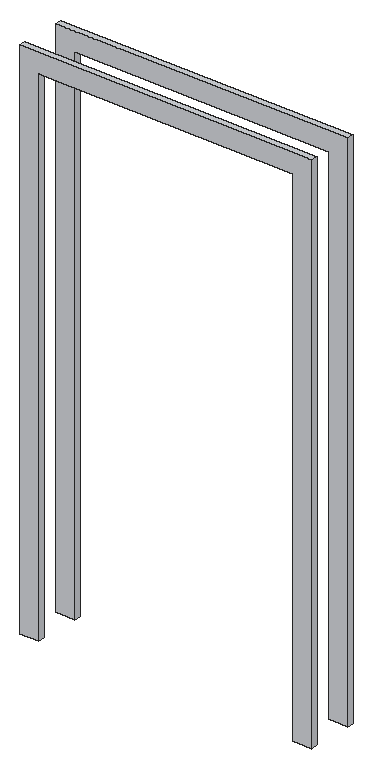
Revit family "TwoSideDoor", category 门, Revit 2025
Family settings
  主体 = 墙
  OmniClass 编号 = 23.30.10.00
  OmniClass 标题 = Doors
  总是垂直 = 是
  载入时剪切的空心 = 否
  共享 = 否
  房间计算点 = 否
Parameters
  功能 = 内部
  框架投影外部. = 25 mm
  框架投影内部. = 25 mm
  框架宽度 = 75 mm
  高度 = 2000 mm
  墙闭合 = 按主体
  宽度 = 1000 mm
  AI_Width [instance] = 1000 mm
  AI_Height [instance] = 2000 mm
Reference planes
  plane 1: y = 0
  plane 2 "中心(左/右)": x = 0
  plane 3 "左": x = -500
  plane 4 "右": x = 500
  plane 5: z = 2000
  plane 6 "外部": y = 75
  plane 7 "内部": y = -75
Forms (mm)
  Extrusion 1, solid
    sketch origin (-3050, -75, 0) x (1, 0, 0) y (0, 0, 1)
      loop
        line (2475, 0) -> (2550, 0) -> (2550, 2000) -> (3550, 2000) -> (3550, 0) -> (3625, 0) -> (3625, 2075) -> (2475, 2075) -> (2475, 0)
    from 0 to 25
  Extrusion 2, solid
    sketch origin (-3050, 75, 0) x (-1, 0, 0) y (0, 0, 1)
      loop
        line (-2550, 0) -> (-2475, 0) -> (-2475, 2075) -> (-3625, 2075) -> (-3625, 0) -> (-3550, 0) -> (-3550, 2000) -> (-2550, 2000) -> (-2550, 0)
    from 0 to 25
Lines and regions (mm)
  Opening 1
    outline origin (-3050, -75, 0) x (1, 0, 0) y (0, 0, 1)
      loop
        line (2550, 0) -> (3550, 0) -> (3550, 2000) -> (2550, 2000) -> (2550, 0)
  symbolic lines, style "立面打开方向"
    curve 1: line (500, -75, 1000) -> (-500, -75, 2000)
    curve 2: line (500, -75, 1000) -> (-500, -75, 0)
Text (mm)
  text "外部" at (-2295.016, 1099.543, 0), in view "参照标高"
  text "外部" at (0, 1615.38, 3698.081), in view "左"
  text "外部" at (0, 1036.032, 3874.932), in view "右"
Dimensions and locks
  equal spacing: plane 3 "左", plane 2 "中心(左/右)", plane 4 "右"
  "AI_Width": plane 3 "左" to plane 4 "右"
  "AI_Height": plane 5 to host wall
  equal spacing: host wall, curve 2, plane 5
  host wall to plane 5 = 2000 mm
  "框架投影外部.": Extrusion 2 to Extrusion 2
  "框架投影内部.": Extrusion 1 to Extrusion 1
  "框架宽度": plane 3 "左" to Extrusion 1 sketch curve
  "框架宽度": plane 4 "右" to Extrusion 1 sketch curve
  "框架宽度": Extrusion 1 sketch curve to plane 5
  "框架宽度": plane 4 "右" to Extrusion 2 sketch curve
  "框架宽度": plane 3 "左" to Extrusion 2 sketch curve
  "框架宽度": plane 5 to Extrusion 2 sketch curve
  locked: plane 6 "外部" to host wall
  locked: plane 7 "内部" to host wall
  aligned and locked: plane 3 "左" to Opening 1 sketch curve
  aligned and locked: plane 5 to Opening 1 sketch curve  (x2)
  aligned and locked: Opening 1 sketch curve to plane 4 "右"
  aligned and locked: Opening 1 sketch curve to level
  aligned and locked: level to Extrusion 1 sketch curve
  aligned and locked: plane 5 to Extrusion 1 sketch curve  (x2)
  aligned and locked: Extrusion 1 sketch curve to plane 4 "右"
  aligned and locked: plane 3 "左" to Extrusion 1 sketch curve
  aligned and locked: plane 3 "左" to Extrusion 2 sketch curve
  aligned and locked: plane 5 to Extrusion 2 sketch curve  (x2)
  aligned and locked: level to Extrusion 2 sketch curve
  aligned and locked: plane 5 to curve 1
  aligned and locked: plane 3 "左" to curve 2
  aligned and locked: plane 1 to host wall
  aligned and locked: plane 3 "左" to curve 1
Automatic sketch dimensions
  Extrusion 2 sketch curve to plane 4 "右" = 0 mm
  Extrusion 1 sketch curve to level = 0 mm
  Extrusion 2 sketch curve to level = 0 mm
  plane 4 "右" to curve 2 = 0 mm
  curve 2 to level = 0 mm
